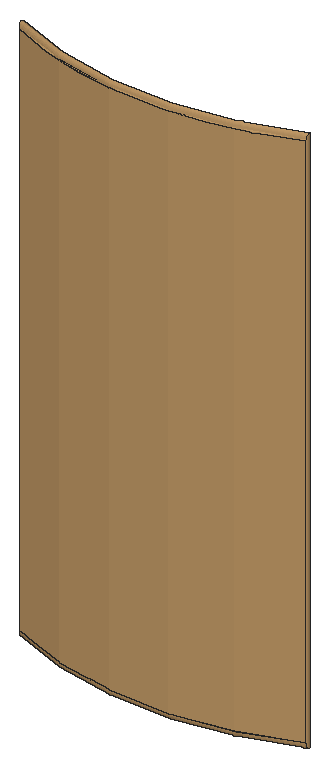
Revit family "FU_Panel_Sandler_KERN 1250PT", category Furniture, Revit 2022
Family settings
  OmniClass Number = 23.40.20.00
  OmniClass Title = General Furniture and Specialties
  Work Plane-Based = No
  Always vertical = Yes
  Cut with Voids When Loaded = No
  Render Appearance Source = Family Geometry
  Shared = No
  Room Calculation Point = No
Parameters (values of type "Kern 1250PT")
  Width = 570 mm
  URL = "https://www.sandlerseating.com/product/kern-1250pt/"
  Panel [instance] = Fabric - Gravity - Sunni CPC20
  Model = "Kern 1250PT"
  Manufacturer = "Sandler"
  Height = 1260 mm
  Description = "Privacy screen for single, 45 degree convex seat with backrest."
  Depth = 75 mm
  Default Elevation = 0 mm
Reference planes
  plane 1 "Center (Front/Back)": y = 0
  plane 2: z = 0
  plane 3 "Center (Left/Right)": x = 0
  plane 4 "Right": x = -285
  plane 5 "Left": x = 285
  plane 6 "Back": y = 411
  plane 7 "Front": y = 336
  plane 8 "Height": z = 1260
  plane 9 "Panel Elevation": z = 170
Forms (mm)
  Sweep 1, solid, material "Fabric - Gravity - Sunni CPC20" <- "Panel"
    path origin (0, 0, 170) x (-1, 0, 0) y (0, -1, 0)
      loop
        arc (291.588, -408.608) -> (0, -342.628) -> (-291.588, -408.608) r 677.308
    profile "Pro_Kern_Panel : Pro_Kern_Panel" origin (0, 342.628, 170) x (0, 1, 0) y (0, 0, 1)
      loop
        line (-5.5, 1079) -> (-5.5, 11)
        spline (-5.5, 11) -> (-5.313, 8.153) -> (-4.763, 5.5) -> (-3.889, 3.222) -> (-2.75, 1.474) -> (-1.424, 0.375) -> (0, 0) -> (1.424, 0.375) -> (2.75, 1.474) -> (3.889, 3.222) -> (4.763, 5.5) -> (5.313, 8.153) -> (5.5, 11)
        line (5.5, 11) -> (5.5, 1079)
        spline (5.5, 1079) -> (5.313, 1081.847) -> (4.763, 1084.5) -> (3.889, 1086.778) -> (2.75, 1088.526) -> (1.424, 1089.625) -> (0, 1090) -> (-1.424, 1089.625) -> (-2.75, 1088.526) -> (-3.889, 1086.778) -> (-4.763, 1084.5) -> (-5.313, 1081.847) -> (-5.5, 1079)
  Sweep 2, void
    path origin (0, 411, 0) x (-1, 0, 0) y (0, 0, 1)
      loop
        line (285, 150) -> (285, 1275)
    profile origin (-285, 411, 712.5) x (1, 0, 0) y (0, 1, 0)
      loop
        line (8.478, -2.525) -> (10.053, 0.95) -> (-5.2, 7.867) -> (-13.04, -9.425) -> (2.213, -16.341) -> (3.522, -13.454)
        arc (3.522, -13.454) -> (0.536, -5.512) -> (8.478, -2.525) r 6
  Sweep 3, void
    path origin (0, 411, 0) x (1, 0, 0) y (0, 0, -1)
      loop
        line (285, -150) -> (285, -1275)
    profile origin (285, 411, 712.5) x (1, 0, 0) y (0, 1, 0)
      loop
        arc (-8.478, -2.525) -> (-0.536, -5.512) -> (-3.522, -13.454) r 6
        line (-3.522, -13.454) -> (-2.213, -16.341) -> (13.04, -9.425) -> (5.2, 7.867) -> (-10.053, 0.95) -> (-8.478, -2.525)
Cuts and joins
  Sweep 2, Sweep 3 cuts Sweep 1
Lines and regions (mm)
  reference lines
    curve 1: line (0, 411, 170) -> (0, 390.808, 170)
    curve 2: line (-285, 411, 170) -> (-285, 400.018, 170)
    curve 3: line (285, 411, 170) -> (285, 400.018, 170)
    curve 4: line (0, 337.133, 170) -> (0, 348.124, 170)
Dimensions and locks
  plane 6 "Back" to plane 7 "Front" to plane 1 "Center (Front/Back)" = 75 mm locked, 336 mm
  plane 6 "Back" to plane 1 "Center (Front/Back)" = 411 mm
  equal spacing: plane 4 "Right", plane 3 "Center (Left/Right)", plane 5 "Left"
  "Width": plane 4 "Right" to plane 5 "Left"
  "Height": plane 8 "Height" to level
  aligned and locked: level to plane 2
Automatic sketch dimensions
  curve 3 to plane 5 "Left" = 0 mm
  curve 4 to plane 3 "Center (Left/Right)" = 0 mm
  curve 1 to plane 3 "Center (Left/Right)" = 0 mm
  curve 2 to plane 4 "Right" = 0 mm
  curve 3 to plane 6 "Back" = 0 mm
  curve 2 to plane 6 "Back" = 0 mm
  curve 1 to plane 6 "Back" = 0 mm
  curve 2 to plane 6 "Back" = 10.982 mm
  curve 3 to plane 6 "Back" = 10.982 mm
  curve 1 to plane 6 "Back" = 20.192 mm
  plane 7 "Front" to curve 4 = 12.124 mm
  plane 7 "Front" to curve 4 = 1.133 mm
  Sweep 1 sketch curve to plane 3 "Center (Left/Right)" = 0 mm
  plane 6 "Back" to Sweep 1 sketch curve = 608.936 mm
  Sweep 1 sketch curve to plane 6 "Back" = 2.392 mm  (x2)
  plane 5 "Left" to Sweep 1 sketch curve = 6.588 mm
  Sweep 2 sketch curve to plane 4 "Right" = 0 mm
  Sweep 2 sketch curve to plane 9 "Panel Elevation" = 20 mm
  plane 8 "Height" to Sweep 2 sketch curve = 15 mm
  profile plane to Sweep 2 sketch curve = 13.04 mm
  profile plane to Sweep 2 sketch curve = 5.2 mm
  Sweep 2 sketch curve to profile plane = 2.213 mm
  Sweep 2 sketch curve to Sweep 2 sketch curve = 1.309 mm
  Sweep 2 sketch curve to profile plane = 6 mm
  Sweep 2 sketch curve to plane 6 "Back" = 2.525 mm
  Sweep 2 sketch curve to Sweep 2 sketch curve = 2.478 mm
  plane 6 "Back" to Sweep 2 sketch curve = 0.95 mm
  Sweep 2 sketch curve to Sweep 2 sketch curve = 1.576 mm
  Sweep 3 sketch curve to plane 5 "Left" = 0 mm
  plane 8 "Height" to Sweep 3 sketch curve = 15 mm
  Sweep 3 sketch curve to plane 9 "Panel Elevation" = 20 mm
  plane 6 "Back" to Sweep 3 sketch curve = 0.95 mm
  profile plane to Sweep 3 sketch curve = 10.053 mm
  Sweep 3 sketch curve to plane 6 "Back" = 2.525 mm
  Sweep 3 sketch curve to Sweep 3 sketch curve = 1.576 mm
  profile plane to Sweep 3 sketch curve = 6 mm
  profile plane to Sweep 3 sketch curve = 3.522 mm
  profile plane to Sweep 3 sketch curve = 2.213 mm
  Sweep 3 sketch curve to profile plane = 5.2 mm
  Sweep 3 sketch curve to plane 6 "Back" = 9.425 mm
